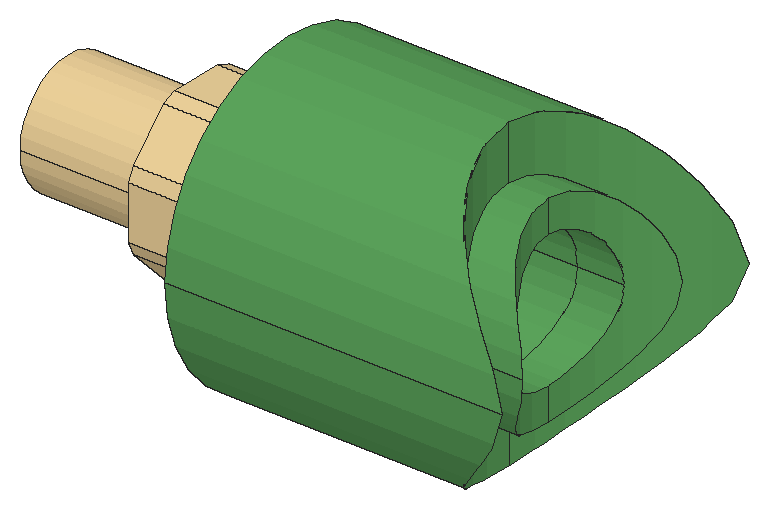
Revit family "Aquatherm_Вварное седло с наружней резьбой", category Соединительные детали трубопроводов, Revit 2019
Family settings
  Размер круглого соединителя = Использовать диаметр
  Тип детали = Переход
  На основе рабочей плоскости = Нет
  Всегда вертикально = Да
  При загрузке вырезать с полостями = Нет
  Общий = Нет
Parameters (values of type "SDR 9")
  Материал_Корпус_2 = AquaTherm латунь pipe
  Материал_Корпус = AquaTherm green pipe
  z2 [instance] = size_lookup("Aquatherm_Вварное седло с наружней резьбой", "z2", 16 mm, D1, d, R)  # 16 mm
  z [instance] = z2 / 3 * 2  # 10.667 mm
  r [instance] = R - 3 mm  # 22 mm
  n1 [instance] = if(R > d, l - z2, l)  # 39 mm
  n [instance] = if(R > d, 0 mm, z2)  # 0 mm
  URL = "www.agpipe.ru"
  SW1 [instance] = if(R > d, R + 9 mm, SW)  # 34 mm
  SW' [instance] = SW1 + 1 mm  # 35 mm
  SW [instance] = size_lookup("Aquatherm_Вварное седло с наружней резьбой", "SW", R + 10 mm, D1, d, R)  # 21 mm
  SDR = 9 mm
  R1 [instance] = D1 / 2  # 20 mm
  d [instance] = 15 mm
  R [instance] = 25 mm
  D2 [instance] = D1 - 10 mm  # 30 mm
  D1 [instance] = 40 mm
  l [instance] = size_lookup("Aquatherm_Вварное седло с наружней резьбой", "l", 55 mm, D1, d, R)  # 55 mm
  D [instance] = size_lookup("Aquatherm_Вварное седло с наружней резьбой", "D", 43 mm, D1, d, R)  # 38.5 mm
  ADSK_Примечание = ""
  ADSK_Обозначение = ""
  ADSK_Наименование [instance] = size_lookup("Aquatherm_Вварное седло с наружней резьбой", "ADSK_Наименование", "Нет в каталоге", D1, d, R)  # "Вварное седло с наружней резьбой DN40x25x55"
  ADSK_Масса_Текст [instance] = size_lookup("Aquatherm_Вварное седло с наружней резьбой", "ADSK_Масса_Текст", "Нет в каталоге", D1, d, R)  # "0.088"
  ADSK_Код изделия [instance] = size_lookup("Aquatherm_Вварное седло с наружней резьбой", "ADSK_Код изделия", "Нет в каталоге", D1, d, R)  # "28314"
  ADSK_Завод-изготовитель = "Aquatherm"  # constant formula
  ADSK_Единица измерения = "шт."  # constant formula
  2 [instance] = not([1])  # yes
  1 [instance] = R < d  # no
Types (6, lengths in mm): name | SDR
  (no name) | 9
  SDR 6 | 6
  SDR 7.4 | 7.4
  SDR 9 | 9
  SDR 11 | 11
  SDR 17.6 | 17.6
Reference planes
  plane 1 "По центру (Вперед/Назад)": y = 0
  plane 2: z = 0
  plane 3 "По центру (Влево/Вправо)": x = 0
  plane 4: x = -27.5
  plane 5: x = 27.5
  plane 6: x = -47.5
  plane 7: x = 11.5
  plane 8: y = 19.25
  plane 9: y = -19.25
  plane 10: y = 12.5
  plane 11: y = -12.5
  plane 12: y = 7.5
  plane 13: y = -7.5
  plane 14: y = 7.5
  plane 15: y = -7.5
  plane 16: y = 7.5
  plane 17: y = -7.5
  plane 18: y = 3.5
  plane 19: x = 27.5
  plane 20: x = -11.5
Forms (mm)
  Revolve 1, solid, material "AquaTherm green pipe" <- "Материал_Корпус", visible <- "1"
    sketch origin (0, 0, 0) x (1, 0, 0) y (0, 1, 0)
      loop
        line (-13.75, 12.5) -> (0, 12.5) -> (0, 19.25) -> (-47.5, 19.25) -> (-47.5, 3.5) -> (-13.75, 3.5) -> (-13.75, 12.5)
      axis (-47.5, 0) -> (0, 0)
    angle from 0 to 360
  Extrusion 2, void
    sketch origin (0, 0, 0) x (1, 0, 0) y (0, 1, 0)
      loop
        circle (-47.5, 0) r 20
    from -249.569 to 503.03
  Revolve 3, solid, material "AquaTherm green pipe" <- "Материал_Корпус", visible <- "1"
    sketch origin (0, 0, 0) x (1, 0, 0) y (0, 1, 0)
      loop
        line (-27.5, 7.5) -> (-47.5, 7.5) -> (-47.5, 3.5) -> (-27.5, 3.5) -> (-27.5, 7.5)
      axis (-47.5, 0) -> (-27.5, 0)
    angle from 0 to 360
  Extrusion 4, void
    sketch origin (0, 0, 0) x (1, 0, 0) y (0, 1, 0)
      loop
        circle (-47.5, 0) r 15
    from -430.411 to 526.777
  Extrusion 5, solid, material "AquaTherm латунь pipe" <- "Материал_Корпус_2", visible <- "1"
    sketch origin (0, 0, 0) x (0, 1, 0) y (0, 0, 1)
      loop
        line (-7.042, 17) -> (-17, 7.042) -> (-17, -7.042) -> (-7.042, -17) -> (7.042, -17) -> (17, -7.042) -> (17, 7.042) -> (7.042, 17) -> (-7.042, 17)
      loop
        circle (0, 0) r 12.5
    from 0 to 11.5
  Extrusion 6, solid, material "AquaTherm латунь pipe" <- "Материал_Корпус_2", visible <- "1"
    sketch origin (0, 0, 0) x (0, 1, 0) y (0, 0, 1)
      loop
        circle (0, 0) r 12.5
      loop
        circle (0, 0) r 11
    from 11.5 to 27.5
Cuts and joins
  Extrusion 2, Extrusion 4 cuts Revolve 1
  Extrusion 4 cuts Revolve 3
  joined: Revolve 1, Revolve 3
Lines and regions (mm)
  reference lines
    curve 1: line (-11.5, 0, 0) -> (27.5, 0, 0)
Dimensions and locks
  "l": plane 4 to plane 5
  "R1": plane 6 to plane 4
  "z2": plane 7 to plane 5
  equal spacing: plane 8, plane 1 "По центру (Вперед/Назад)", plane 9
  "D": plane 8 to plane 9
  equal spacing: plane 10, plane 1 "По центру (Вперед/Назад)", plane 11
  "R": plane 10 to plane 11
  equal spacing: plane 12, plane 1 "По центру (Вперед/Назад)", plane 13
  "d": plane 12 to plane 13
  equal spacing: plane 14, plane 1 "По центру (Вперед/Назад)", plane 15
  "d": plane 14 to plane 15
  locked: plane 14 to Revolve 3 sketch curve at 4
  equal spacing: Extrusion 5 sketch curve, level, Extrusion 5 sketch curve
  "SW1": Extrusion 5 sketch curve to Extrusion 5 sketch curve  (x4)
  equal spacing: Extrusion 5 sketch curve, plane 1 "По центру (Вперед/Назад)", Extrusion 5 sketch curve  (x3)
  equal spacing: plane 17, plane 1 "По центру (Вперед/Назад)", plane 16
  "d": plane 17 to plane 16
  locked: plane 18 to plane 16 at 4
  equal spacing: plane 4, plane 3 "По центру (Влево/Вправо)", plane 5
  equal spacing: plane 4, Revolve 1 sketch curve, plane 3 "По центру (Влево/Вправо)"
  "n": plane 19 to plane 5
  "n1": plane 20 to plane 5
  "D1": diameter of Extrusion 2 sketch curve
  "D2": diameter of Extrusion 4 sketch curve
  "R": diameter of Extrusion 5 sketch curve
  "r": diameter of Extrusion 6 sketch curve
  "R": diameter of Extrusion 6 sketch curve
  locked: Extrusion 5 sketch curve to Extrusion 5 sketch curve (angle 135.00°)  (x4)
  aligned and locked: level to plane 2
  aligned and locked: plane 8 to Revolve 1 sketch curve
  aligned and locked: plane 6 to Revolve 1 sketch curve  (x2)
  aligned and locked: plane 6 to Extrusion 2 sketch curve
  aligned and locked: plane 1 "По центру (Вперед/Назад)" to Extrusion 2 sketch curve
  aligned and locked: Revolve 3 sketch curve to plane 6
  aligned and locked: Revolve 3 sketch curve to plane 12
  aligned and locked: plane 4 to Revolve 3 sketch curve
  aligned and locked: Revolve 1 sketch curve to plane 18
  aligned and locked: plane 7 to Extrusion 5
  aligned and locked: Extrusion 6 to plane 7
  aligned and locked: plane 5 to Extrusion 6
  aligned and locked: plane 3 "По центру (Влево/Вправо)" to Revolve 1 sketch curve
  aligned and locked: Revolve 1 sketch curve to plane 10
  aligned and locked: plane 19 to curve 1
  aligned and locked: plane 20 to curve 1
Automatic sketch dimensions
  plane 1 "По центру (Вперед/Назад)" to curve 1 = 0 mm
  plane 1 "По центру (Вперед/Назад)" to Revolve 1 sketch curve = 0 mm
  plane 5 to Revolve 1 sketch curve = 10.272 mm
  plane 1 "По центру (Вперед/Назад)" to Revolve 3 sketch curve = 0 mm
  Revolve 3 sketch curve to plane 4 = 0.456 mm
  Revolve 3 sketch curve to plane 5 = 3.655 mm
  plane 1 "По центру (Вперед/Назад)" to Extrusion 4 sketch curve = 0 mm
  Extrusion 4 sketch curve to plane 6 = 0 mm
  Extrusion 5 sketch curve to level = 0 mm
  Extrusion 5 sketch curve to plane 1 "По центру (Вперед/Назад)" = 0 mm
  Extrusion 6 sketch curve to Extrusion 6 sketch curve = 0 mm  (x2)
  Extrusion 6 sketch curve to level = 0 mm
  Extrusion 6 sketch curve to plane 1 "По центру (Вперед/Назад)" = 0 mm
Nested families
  nested 1: "седло" at (0, 0, 0) x (-1, 0, 0) z (0, 0, 1), SW <- "SW", D <- "D", z2 <- "z2", l <- "l", D1 <- "D1", R <- "d", d <- "R", 2 <- "2", Материал_Корпус <- "Материал_Корпус", type "седло"
    with Материал_Корпус AquaTherm green pipe, Латунь yes, z2 16 mm, z 10.667 mm, r 12 mm, lt 0 mm, l 55 mm, d 25 mm, SW1 21 mm, SW' 22 mm, SW 21 mm, R1 20 mm, R 15 mm, D2 30 mm, D1 40 mm, D 38.5 mm, 2 yes
Connectors
  piping at (-11.5, 0, 0), diameter 15, driven by "d"
    settings: on curve 1, index 1, connector inside diameter 609.6 mm, connector length 0 mm, flow factor 0, pipe flow 0.0 L/s, pressure drop 0.0 Pa, fitting loss kfactor 0, connector angle 0.00°, fixture units 0, engagement length 0 mm, angle of deflection 0.00°, flow configuration 0, flow direction 0, fitting loss method 0, system type 28, joint type 0, gender type 0, connector reference index 2, connector utility 0, adjustable connector no, is connector primary yes, connector description ""
  piping at (27.5, 0, 0), diameter 25, driven by "R"
    settings: on curve 1, index 2, connector inside diameter 609.6 mm, connector length 0 mm, flow factor 0, pipe flow 0.0 L/s, pressure drop 0.0 Pa, fitting loss kfactor 0, connector angle 0.00°, fixture units 0, engagement length 0 mm, angle of deflection 0.00°, flow configuration 0, flow direction 0, fitting loss method 0, system type 28, joint type 0, gender type 0, connector reference index 1, connector utility 0, adjustable connector no, is connector primary no, connector description ""
Definition of nested family "седло"
  Parameters (values of type "седло")
    Материал_Корпус_2 = none
    Материал_Корпус [instance] = none
    Латунь [instance] = yes
    z2 [instance] = 16 mm
    z [instance] = z2 / 3 * 2  # 10.667 mm
    r [instance] = R - 3 mm  # 22 mm
    lt [instance] = 0 mm
    SW1 [instance] = if(R > d, R + 9 mm, SW)  # 34 mm
    SW' [instance] = SW1 + 1 mm  # 35 mm
    SW [instance] = 24 mm
    R1 [instance] = D1 / 2  # 25 mm
    d [instance] = 15 mm
    R [instance] = 25 mm
    D2 [instance] = D1 - 10 mm  # 40 mm
    D1 [instance] = 50 mm
    l [instance] = 55 mm
    D [instance] = 38.5 mm
    2 [instance] = yes
  Reference planes
    plane 1 "По центру (Вперед/Назад)": y = 0
    plane 2: z = 0
    plane 3 "По центру (Влево/Вправо)": x = 0
    plane 4: x = -27.5
    plane 5: x = 27.5
    plane 6: x = -52.5
    plane 7: x = 11.5
    plane 8: y = 19.25
    plane 9: y = -19.25
    plane 10: y = 12.5
    plane 11: y = -12.5
    plane 12: y = 7.5
    plane 13: y = -7.5
    plane 14: y = 7.5
    plane 15: y = -7.5
    plane 16: y = 7.5
    plane 17: y = -7.5
    plane 18: y = 3.5
  Forms (mm)
    Revolve 1, solid, material <- "Материал_Корпус", visible <- "2"
      sketch origin (0, 0, 0) x (1, 0, 0) y (0, 1, 0)
        loop
          line (-13.75, 12.5) -> (0, 12.5) -> (0, 19.25) -> (-52.5, 19.25) -> (-52.5, 3.5) -> (-13.75, 3.5) -> (-13.75, 12.5)
        axis (-52.5, 0) -> (0, 0)
      angle from 0 to 360
    Extrusion 2, void
      sketch origin (0, 0, 0) x (1, 0, 0) y (0, 1, 0)
        loop
          circle (-52.5, 0) r 25
      from -249.569 to 503.03
    Revolve 3, solid, material <- "Материал_Корпус", visible <- "2"
      sketch origin (0, 0, 0) x (1, 0, 0) y (0, 1, 0)
        loop
          line (-27.5, 7.5) -> (-52.5, 7.5) -> (-52.5, 3.5) -> (-27.5, 3.5) -> (-27.5, 7.5)
        axis (-52.5, 0) -> (-27.5, 0)
      angle from 0 to 360
    Extrusion 4, void
      sketch origin (0, 0, 0) x (1, 0, 0) y (0, 1, 0)
        loop
          circle (-52.5, 0) r 20
      from -430.411 to 526.777
    Extrusion 5, solid, material <- "Материал_Корпус_2", visible <- "2"
      sketch origin (0, 0, 0) x (0, 1, 0) y (0, 0, 1)
        loop
          line (-7.042, 17) -> (-17, 7.042) -> (-17, -7.042) -> (-7.042, -17) -> (7.042, -17) -> (17, -7.042) -> (17, 7.042) -> (7.042, 17) -> (-7.042, 17)
        loop
          circle (0, 0) r 12.5
      from 0 to 11.5
    Extrusion 6, solid, material <- "Материал_Корпус_2", visible <- "2"
      sketch origin (0, 0, 0) x (0, 1, 0) y (0, 0, 1)
        loop
          circle (0, 0) r 12.5
        loop
          circle (0, 0) r 11
      from 11.5 to 27.5
    Extrusion 7, void
      sketch origin (0, 0, 0) x (0, 1, 0) y (0, 0, 1)
        loop
          line (0, 18.942) -> (-13.394, 13.394) -> (-18.942, 0) -> (-13.394, -13.394) -> (0, -18.942) -> (13.394, -13.394) -> (18.942, 0) -> (13.394, 13.394) -> (0, 18.942)
        loop
          circle (0, 0) r 25
      from 0 to 11.5
  Cuts and joins
    Extrusion 2, Extrusion 4, Extrusion 7 cuts Revolve 1
    Extrusion 4, Extrusion 7 cuts Revolve 3
    joined: Revolve 1, Revolve 3
    Extrusion 7 cuts Extrusion 5
  Dimensions and locks
    "l": plane 4 to plane 5
    "R1": plane 6 to plane 4
    "z2": plane 7 to plane 5
    equal spacing: plane 8, plane 1 "По центру (Вперед/Назад)", plane 9
    "D": plane 8 to plane 9
    equal spacing: plane 10, plane 1 "По центру (Вперед/Назад)", plane 11
    "R": plane 10 to plane 11
    equal spacing: plane 12, plane 1 "По центру (Вперед/Назад)", plane 13
    "d": plane 12 to plane 13
    equal spacing: plane 14, plane 1 "По центру (Вперед/Назад)", plane 15
    "d": plane 14 to plane 15
    locked: plane 14 to Revolve 3 sketch curve at 4
    equal spacing: Extrusion 5 sketch curve, level, Extrusion 5 sketch curve
    "SW1": Extrusion 5 sketch curve to Extrusion 5 sketch curve  (x4)
    equal spacing: Extrusion 5 sketch curve, plane 1 "По центру (Вперед/Назад)", Extrusion 5 sketch curve  (x3)
    equal spacing: plane 17, plane 1 "По центру (Вперед/Назад)", plane 16
    "d": plane 17 to plane 16
    locked: plane 18 to plane 16 at 4
    equal spacing: plane 4, plane 3 "По центру (Влево/Вправо)", plane 5
    equal spacing: plane 4, Revolve 1 sketch curve, plane 3 "По центру (Влево/Вправо)"
    equal spacing: Extrusion 7 sketch curve, plane 1 "По центру (Вперед/Назад)", Extrusion 7 sketch curve  (x4)
    "SW'": Extrusion 7 sketch curve to Extrusion 7 sketch curve  (x4)
    "D1": diameter of Extrusion 2 sketch curve
    "D2": diameter of Extrusion 4 sketch curve
    "R": diameter of Extrusion 5 sketch curve
    "r": diameter of Extrusion 6 sketch curve
    "R": diameter of Extrusion 6 sketch curve
    "D1": diameter of Extrusion 7 sketch curve
    locked: Extrusion 5 sketch curve to Extrusion 5 sketch curve (angle 135.00°)  (x4)
    locked: Extrusion 7 sketch curve to Extrusion 7 sketch curve (angle 135.00°)  (x4)
    aligned and locked: level to plane 2
    aligned and locked: plane 8 to Revolve 1 sketch curve
    aligned and locked: plane 6 to Revolve 1 sketch curve  (x2)
    aligned and locked: plane 6 to Extrusion 2 sketch curve
    aligned and locked: plane 1 "По центру (Вперед/Назад)" to Extrusion 2 sketch curve
    aligned and locked: Revolve 3 sketch curve to plane 6
    aligned and locked: Revolve 3 sketch curve to plane 12
    aligned and locked: plane 4 to Revolve 3 sketch curve
    aligned and locked: Revolve 1 sketch curve to plane 18
    aligned and locked: Extrusion 6 to plane 7
    aligned and locked: plane 5 to Extrusion 6
    aligned and locked: plane 3 "По центру (Влево/Вправо)" to Revolve 1 sketch curve
    aligned and locked: Revolve 1 sketch curve to plane 10
    aligned and locked: plane 7 to cut or joined group of Extrusion 5, Extrusion 7
    aligned and locked: cut or joined group of Extrusion 5, Extrusion 7 to plane 3 "По центру (Влево/Вправо)"
  Automatic sketch dimensions
    plane 1 "По центру (Вперед/Назад)" to Revolve 1 sketch curve = 0 mm
    plane 5 to Revolve 1 sketch curve = 10.272 mm
    plane 1 "По центру (Вперед/Назад)" to Revolve 3 sketch curve = 0 mm
    Revolve 3 sketch curve to plane 4 = 0.456 mm
    Revolve 3 sketch curve to plane 5 = 3.655 mm
    plane 1 "По центру (Вперед/Назад)" to Extrusion 4 sketch curve = 0 mm
    Extrusion 4 sketch curve to plane 6 = 0 mm
    Extrusion 5 sketch curve to level = 0 mm
    Extrusion 5 sketch curve to plane 1 "По центру (Вперед/Назад)" = 0 mm
    Extrusion 6 sketch curve to Extrusion 6 sketch curve = 0 mm  (x2)
    Extrusion 6 sketch curve to level = 0 mm
    Extrusion 6 sketch curve to plane 1 "По центру (Вперед/Назад)" = 0 mm
    Extrusion 7 sketch curve to plane 1 "По центру (Вперед/Назад)" = 0 mm  (x2)
    Extrusion 7 sketch curve to level = 0 mm  (x2)
